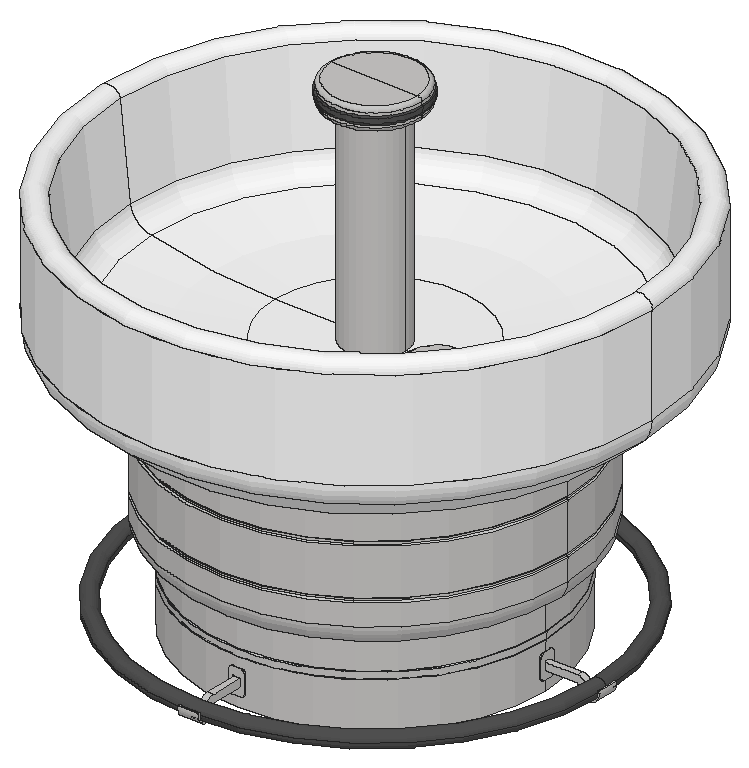
Revit family "Washfountain_Lavatory-Bradley_Corp-WF2605-Type_A_Drain", category Plumbing Fixtures, Revit 2012
Parameters (values of type "Juvenile")
  Width = 36.000"
  Warranty Information = ""
  WFU = 0
  Voltage = 110 V
  Version = "2.0"
  URL = "http://www.bradleycorp.com/"
  Towel Dispenser Holder [instance] = if((Soap Dispenser), 5.375", 13.875")  # 13.875"
  Towel Dispenser Height [instance] = if(and(Soap Dispenser, Sensor Module, Model ID = 2), 53.000", if(and(No Soap Dispenser, Sensor Module, Model ID = 2), 53.000", if(and(Soap Dispenser, No Sensor Module, Model ID = 2), 49.500", if(and(No Soap Dispenser, No Sensor Module, Model ID = 2), 49.500", if(and(Soap Dispenser, Sensor Module, Model ID = 1), 49.000", if(and(No Soap Dispenser, Sensor Module, Model ID = 1), 49.000", if(and(Soap Dispenser, No Sensor Module, Model ID = 1), 45.500", 45.500")))))))  # 45.500"
  TouchTime® Control [instance] = no
  Technical Data = ""
  Standard Height = Model ID = 2  # no
  Spray Head Height = 31.625"
  Specifications URL = "http://www.bradleycorp.com/3partspec"
  Soap Dispenser Holder [instance] = 2.500"  # constant formula
  Soap Dispenser Height [instance] = if(and(No Sensor Module, Model ID = 2), 44.125", if(and(Sensor Module, Model ID = 2), 47.625", if(and(No Sensor Module, Model ID = 1), 40.125", 43.625")))  # 40.125"
  Sensor Module Height = 35.125"
  Sensor Module [instance] = or(not(Foot Control Valve), TouchTime® Control, Air Valve Hand Control, Adaptive Infrared Activation Control)  # no
  Rim Height = 25.250"
  Product Tech Data URL - Spanish = ""
  Product Tech Data URL - French = ""
  Product Tech Data URL - English = "http://bradleycorp.com/download/1843/2019.pdf"
  Pedestal Material = Metal - Bradley Corp - Stainless Steel - Satin
  Pedestal Height = 15.000"
  Operating Water Pressure Range = "20 - 80 PSI"
  OmniClass Table 23 Title = "Sinks/Lavatories"
  OmniClass Table 23 Number = "23-31 13 00"
  OmniClass Table 21 Title = "Plumbing Fixtures"
  OmniClass Table 21 Number = "21-04 20 10 60"
  No Towel Dispenser [instance] = not(Towel Dispenser)  # yes
  No Soap Dispenser [instance] = not(Soap Dispenser)  # yes
  No Sensor Module [instance] = not(Sensor Module)  # yes
  Modeling Code = ""
  Model ID = 1
  Model = "WF2605"
  Material Note = "Other Terrazzo colors available - See www.bradleycorp.com"
  MasterFormat Title = "Commercial Lavatories and Sinks"
  MasterFormat Number = "22 42 16"
  Manufacturer = "Bradley Corp"
  Juvenile Height = Model ID = 1  # yes
  Industry Standards = "ANSI Z124.3, Z124.6 and ANSI/ICPA SS-1-2001"
  Hot Lavatory Inlet Radius = Hot Lavatory Inlet / 2  # 1/2"
  Hot Lavatory Inlet = 1"
  HWFU = 0
  Frequency = 50 Hz
  Foot Control Valve [instance] = not(or(TouchTime® Control, Air Valve Hand Control, Adaptive Infrared Activation Control))  # yes
  Flow Rate = 2.0 GPM
  Fire Rating = "n/a"
  Drain Radius = Drain / 2  # 1"
  Drain = 2"
  Description = "Washfountain, 36\" Circular with 9\" Deep Bowl"
  Copyright = "This Model Data is Property of Bradley Corporation"
  Cold Lavatory Inlet Radius = Cold Lavatory Inlet / 2  # 1/2"
  Cold Lavatory Inlet = 1"
  CWFU = 0
  Buy American Act = "No"
  Button Visibility [instance] = or(TouchTime® Control, Air Valve Hand Control)  # no
  Bowl Material [instance] = Stone - Bradley Corp - White Marmorite
  Assembly Code = "D2010300"
  Air Valve Hand Control [instance] = no
  Adaptive Infrared Activation Control [instance] = no
  ADA Compliant = "Yes"
  Soap Dispenser [instance] = no
  Towel Dispenser [instance] = no
Reference planes (in)
  plane 1 "Center (Front/Back)": y = 0
  plane 2: z = 0
  plane 3 "Center (Left/Right)": x = 0
  plane 4 "Towel Dispenser": z = 45.5
  plane 5 "Soap Dispenser": z = 40.125
  plane 6 "Spray Head": z = 31.625
  plane 7 "Rim Height": z = 25.25
  plane 8 "Pedestal Height": z = 15
  plane 9 "Sensor Module": z = 35.125
  plane 10: z = 34.125
  plane 11: x = -18
  plane 12: x = 18
  plane 13: y = -18
  plane 14: y = 18
Forms (in)
  Revolve 1, solid, material "Metal - Bradley Corp - Stainless Steel - Satin" <- "Pedestal Material", visible <- "Juvenile Height", detail levels medium+fine
    sketch origin (-27, 0, 15) x (1, 0, 0) y (0, 0, 1)
      loop
        line (15.87417, -15) -> (27, -15) -> (27, -0.00013) -> (14.47131, -0.00013) -> (14.47131, -3.20448) -> (14.5585, -3.29168) -> (14.5585, -3.41498) -> (14.47131, -3.50217) -> (14.47131, -6.50912) -> (14.5585, -6.59631) -> (14.5585, -6.71962) -> (14.47131, -6.80681) -> (14.47131, -8.19729)
        arc (14.47131, -8.19729) -> (14.8822, -9.18927) -> (15.87417, -9.60015) r 1.40286
        line (15.87417, -9.60015) -> (15.87417, -11.547) -> (15.83845, -11.59351) -> (15.83845, -12.00036) -> (15.87417, -12.047) -> (15.87417, -15)
      axis (27, -15) -> (27, -0.00013)
    angle from 0 to 360
  Revolve 2, solid, material "Stone - Bradley Corp - White Marmorite" <- "Bowl Material", detail levels medium+fine
    sketch origin (-24.13744, 0, 25.25) x (-1, 0, 0) y (0, 0, -1)
      loop
        line (-6.13744, 0.75008) -> (-6.13744, 7.17157)
        arc (-6.13744, 7.17157) -> (-6.28968, 7.93694) -> (-6.72322, 8.58579) r 2
        line (-6.72322, 8.58579) -> (-8.69944, 10.25) -> (-22.13744, 10.25) -> (-22.13744, 8.688) -> (-17.63744, 8.688)
        arc (-17.63744, 8.688) -> (-13.61835, 8.45982) -> (-9.65091, 7.7782) r 35.50887
        arc (-9.65091, 7.7782) -> (-8.71636, 7.35965) -> (-8.26814, 6.43895) r 1.5
        line (-8.26814, 6.43895) -> (-7.62105, 0.59415)
        arc (-7.62105, 0.59415) -> (-6.80904, 0.00419) -> (-6.13744, 0.75008) r 0.75
      axis (-24.13744, 0.59415) -> (-24.13744, 10.25)
    angle from 0 to 360
  Revolve 3, solid, material "Metal - Bradley Corp - Stainless Steel - Satin" <- "Pedestal Material", visible <- "Standard Height", detail levels medium+fine
    sketch origin (-27, 0, 15) x (1, 0, 0) y (0, 0, 1)
      loop
        line (14.47131, -4.10731) -> (14.58179, -4.21779) -> (14.58179, -4.37404) -> (14.47131, -4.48453) -> (14.47131, -8.29481) -> (14.58179, -8.40529) -> (14.58179, -8.56154) -> (14.47131, -8.67203) -> (14.47131, -10.73243)
        arc (14.47131, -10.73243) -> (14.87684, -11.75818) -> (15.87417, -12.22929) r 1.5
        line (15.87417, -12.22929) -> (15.87417, -15.547) -> (15.83845, -15.59351) -> (15.83845, -16.00049) -> (15.87417, -16.047) -> (15.87417, -19) -> (27, -19) -> (27, -0.00013) -> (14.47131, -0.00013) -> (14.47131, -4.10731)
      axis (27, -0.00013) -> (27, -19)
    angle from 0 to 360
  Revolve 4, solid, material "Metal - Bradley Corp - Stainless Steel - Polished", detail levels fine
    sketch origin (-1.5, 0, 36.188) x (1, 0, 0) y (0, 0, 1)
      loop
        arc (-1.285, -4.56348) -> (-1.46178, -4.6367) -> (-1.535, -4.81348) r 0.25
        line (-1.535, -4.81348) -> (-1.535, -5.00848)
        arc (-1.535, -5.00848) -> (-1.60129, -5.03594) -> (-1.62875, -5.10223) r 0.09375
        line (-1.62875, -5.10223) -> (-1.62875, -5.41473)
        arc (-1.62875, -5.41473) -> (-1.60129, -5.48102) -> (-1.535, -5.50848) r 0.09375
        line (-1.535, -5.50848) -> (-1.535, -5.70348)
        arc (-1.535, -5.70348) -> (-1.46178, -5.88026) -> (-1.285, -5.95348) r 0.25
        line (-1.285, -5.95348) -> (-0.5, -5.95348) -> (-0.5, -21.188) -> (1.5, -21.188) -> (1.5, -4.56348) -> (-1.285, -4.56348)
      axis (1.5, -4.56348) -> (1.5, -21.188)
    angle from 0 to 360
  Revolve 5, solid, material "Metal - Bradley Corp - Stainless Steel - Polished", visible <- "Soap Dispenser", detail levels fine
    sketch origin (-27, 0, 40.125) x (1, 0, 0) y (0, 0, 1)
      loop
        line (20.98592, -1.64235) -> (21.01699, -1.64235) -> (21.01699, -2.89235) -> (21.06961, -2.89235) -> (21.06961, -4.14235) -> (21.12223, -4.14235) -> (21.12223, -5.39235) -> (21.19, -5.39235) -> (21.19, -6) -> (27, -6) -> (27, -5.75235) -> (27, 0.00086) -> (22.86016, 0.00086)
        arc (22.86016, 0.00086) -> (21.84739, -0.11897) -> (20.86029, -0.37529) r 7.48917
        line (20.86029, -0.37529) -> (20.86029, -1.00047) -> (20.98592, -1.00047) -> (20.98592, -1.64235)
      axis (27, 0.00086) -> (27, -6)
    angle from 0 to 360
  Extrusion 6, solid, material "Metal - Bradley Corp - Stainless Steel - Polished", visible <- "Towel Dispenser"
    sketch origin (0, 0, 0) x (1, 0, 0) y (0, 1, 0)
      loop
        circle (0, 0) r 2
    from 31.625 to 61.81283
  Extrusion 7, solid, material "Metal - Bradley Corp - Stainless Steel - Polished", visible <- "Towel Dispenser"
    sketch origin (0, -3.64603, -2.35417) x (0, 1, 0) y (0, 0, 1)
      loop
        line (10.89603, 49.22917) -> (10.89603, 62.4795) -> (6.89603, 63.167) -> (6.89603, 47.85417) -> (8.64603, 47.85417) -> (10.89603, 49.22917)
    from -5.5 to 5.5
  Extrusion 8, solid, material "Metal - Bradley Corp - Stainless Steel - Polished", visible <- "Towel Dispenser"
    sketch origin (3.15756, 1.82302, -2.35417) x (-0.866025, -0.5, 0) y (0, 0, 1)
      loop
        line (10.89603, 49.22917) -> (10.89603, 62.4795) -> (6.89603, 63.167) -> (6.89603, 47.85417) -> (8.64603, 47.85417) -> (10.89603, 49.22917)
    from -5.5 to 5.5
  Extrusion 9, solid, material "Metal - Bradley Corp - Stainless Steel - Polished", visible <- "Towel Dispenser"
    sketch origin (-3.15756, 1.82302, -2.35417) x (0.866025, -0.5, 0) y (0, 0, 1)
      loop
        line (10.89603, 49.22917) -> (10.89603, 62.4795) -> (6.89603, 63.167) -> (6.89603, 47.85417) -> (8.64603, 47.85417) -> (10.89603, 49.22917)
    from -5.5 to 5.5
  Revolve 10, solid, material "Stone - Bradley Corp - White Marmorite" <- "Bowl Material", detail levels coarse
    sketch origin (-24.13744, 0, 25.25) x (-1, 0, 0) y (0, 0, -1)
      loop
        line (-6.13744, 0) -> (-6.13744, 10.25) -> (-22.13744, 10.25) -> (-22.13744, 8.688) -> (-17.47542, 8.688) -> (-8.39355, 7.63199) -> (-7.5586, 0) -> (-6.13744, 0)
      axis (-24.13744, 0) -> (-24.13744, 10.25)
    angle from 0 to 360
  Revolve 11, solid, material "Metal - Bradley Corp - Stainless Steel - Satin" <- "Pedestal Material", visible <- "Juvenile Height", detail levels coarse
    sketch origin (-27, 0, 15) x (1, 0, 0) y (0, 0, 1)
      loop
        line (14.47131, 0) -> (14.47131, -9.60015) -> (15.87417, -9.60015) -> (15.87417, -15) -> (27, -15) -> (27, 0) -> (14.47131, 0)
      axis (27, 0) -> (27, -15)
    angle from 0 to 360
  Revolve 12, solid, material "Metal - Bradley Corp - Stainless Steel - Polished", visible <- "Soap Dispenser", detail levels coarse+medium
    sketch origin (0, 0, 0) x (1, 0, 0) y (0, 0, 1)
      loop
        line (0, 34.125) -> (0, 39.12453) -> (-6.13971, 39.12453) -> (-5.81, 34.125) -> (0, 34.125)
      axis (0, 39.12453) -> (0, 34.125)
    angle from 0 to 360
  Revolve 13, solid, material "Metal - Bradley Corp - Stainless Steel - Polished", detail levels coarse+medium
    sketch origin (-1.5, 0, 36.188) x (1, 0, 0) y (0, 0, 1)
      loop
        line (-1.62875, -5.50848) -> (-1.285, -5.95348) -> (-0.5, -5.95348) -> (-0.5, -21.188) -> (1.5, -21.188) -> (1.5, -4.56348) -> (-1.285, -4.56348) -> (-1.62875, -5.00848) -> (-1.62875, -5.50848)
      axis (1.5, -4.56348) -> (1.5, -21.188)
    angle from 0 to 360
  Revolve 14, solid, material "Metal - Bradley Corp - Stainless Steel - Polished", visible <- "Sensor Module", detail levels fine
    sketch origin (-1.5, 0, 35.125) x (1, 0, 0) y (0, 0, 1)
      loop
        line (-2.99987, -0.56541) -> (-2.99987, -1.98683)
        arc (-2.99987, -1.98683) -> (-2.98063, -2.08301) -> (-2.92587, -2.16439) r 0.25
        line (-2.92587, -2.16439) -> (-2.32309, -2.76716)
        arc (-2.32309, -2.76716) -> (-2.24199, -2.82135) -> (-2.14632, -2.84038) r 0.25
        line (-2.14632, -2.84038) -> (-0.5, -2.84038) -> (-0.5, -3.5) -> (1.5, -3.5) -> (1.5, 0) -> (-0.60282, 0)
        arc (-0.60282, 0) -> (-1.78099, -0.0858) -> (-2.95612, -0.2063) r 40.06
        arc (-2.95612, -0.2063) -> (-3.04124, -0.251) -> (-3.07537, -0.34072) r 0.135
        line (-3.07537, -0.34072) -> (-3.07537, -0.56541) -> (-2.99987, -0.56541)
      axis (1.5, 0) -> (1.5, -3.5)
    angle from 0 to 360
  Revolve 15, solid, material "Metal - Bradley Corp - Stainless Steel - Polished", visible <- "Sensor Module", detail levels coarse+medium
    sketch origin (-1.5, 0, 35.125) x (1, 0, 0) y (0, 0, 1)
      loop
        line (1.5, 0) -> (-3.07537, 0) -> (-3.07537, -2.01488) -> (-2.24987, -2.84038) -> (-0.5, -2.84038) -> (-0.5, -3.5) -> (1.5, -3.5) -> (1.5, 0)
      axis (1.5, 0) -> (1.5, -3.5)
    angle from 0 to 360
  Extrusion 16, solid, material "Metal - Bradley Corp - Stainless Steel - Polished", visible <- "Soap Dispenser"
    sketch origin (0, 0, 40.125) x (-1, 0, 0) y (0, -1, 0)
      loop
        circle (0, 0) r 2
    from -8.5 to -6
  Revolve 17, solid, material "Metal - Bradley Corp - Stainless Steel - Satin" <- "Pedestal Material", visible <- "Standard Height", detail levels coarse
    sketch origin (-27, 0, 15) x (1, 0, 0) y (0, 0, 1)
      loop
        line (14.47131, 0) -> (14.47131, -12.22916) -> (15.87417, -12.22916) -> (15.87417, -19) -> (27, -19) -> (27, 0) -> (14.47131, 0)
      axis (27, 0) -> (27, -19)
    angle from 0 to 360
  Extrusion 18, solid, material "Metal - Bradley Corp - Stainless Steel - Polished", visible <- "Towel Dispenser"
    sketch origin (0, 0, 45.5) x (-1, 0, 0) y (0, -1, 0)
      loop
        line (0.06458, 6.38814) -> (-0.06458, 6.38814) -> (-5.56458, -3.13814) -> (-5.5, -3.25) -> (5.5, -3.25) -> (5.56458, -3.13814) -> (0.06458, 6.38814)
      loop
        circle (0, 0) r 2
    from 14.62533 to 14.12533
  Extrusion 19, solid, material "Metal - Bradley Corp - Stainless Steel - Polished", visible <- "Towel Dispenser"
    sketch origin (0, 0, 45.5) x (-1, 0, 0) y (0, -1, 0)
      loop
        line (5.56458, -3.13814) -> (0.06458, 6.38814) -> (-0.06458, 6.38814) -> (-5.56458, -3.13814) -> (-5.5, -3.25) -> (5.5, -3.25) -> (5.56458, -3.13814)
      loop
        circle (0, 0) r 2
    from 1.07859 to 1.57859
  Sweep 20, solid, material "Plastic - Bradley Corp - Black", visible <- "Foot Control Valve"
    path in 3D
      loop
        arc (-14.513, 0, 0) -> (0, -14.513, 0) -> (14.513, 0, 0) r 14.513
        arc (14.513, 0, 0) -> (0, 14.513, 0) -> (-14.513, 0, 0) r 14.513
    profile origin (0, 14.513, 0) x (0, -1, 0) y (0, 0, 1)
      loop
        circle (0, 1.425) r 0.5
  Extrusion 21, solid, material "Metal - Bradley Corp - Stainless Steel - Satin", visible <- "Foot Control Valve"
    sketch origin (0, 0, 0) x (1, 0, 0) y (0, 0, 1)
      loop
        arc (-14.99607, 1.55401) -> (-15.03147, 1.61522) -> (-15.09268, 1.57982) r 0.05
        arc (-15.09268, 1.57982) -> (-14.52672, 0.82516) -> (-13.92685, 1.55315) r 0.6
        arc (-13.92685, 1.55315) -> (-13.98637, 1.59132) -> (-14.02454, 1.53179) r 0.05
        arc (-14.02454, 1.53179) -> (-14.52443, 0.92513) -> (-14.99607, 1.55401) r 0.5
    from -0.67078 to 0.67078
  Extrusion 22, solid, material "Metal - Bradley Corp - Stainless Steel - Satin", visible <- "Foot Control Valve"
    sketch origin (0, 0, 0) x (1, 0, 0) y (0, 0, 1)
      loop
        line (-11.12583, 1.26722) -> (-11.12583, 1.76722) -> (-13.31961, 1.76722)
        arc (-13.31961, 1.76722) -> (-13.66211, 1.67554) -> (-13.913, 1.425) r 0.68556
        arc (-13.913, 1.425) -> (-14.08874, 1.00074) -> (-14.513, 0.825) r 0.6
        arc (-14.513, 0.825) -> (-13.93667, 0.87324) -> (-13.46086, 1.202) r 1.12245
        arc (-13.46086, 1.202) -> (-13.3974, 1.25013) -> (-13.31961, 1.26722) r 0.18556
        line (-13.31961, 1.26722) -> (-11.12583, 1.26722)
    from -0.19715 to 0.18501
  Extrusion 23, solid, material "Metal - Bradley Corp - Stainless Steel - Satin", visible <- "Foot Control Valve"
    sketch origin (0, 0, 0) x (0, 1, 0) y (0, 0, 1)
      loop
        line (0.25316, 2.33562) -> (-0.24684, 2.33562)
        arc (-0.24684, 2.33562) -> (-0.42362, 2.2624) -> (-0.49684, 2.08562) r 0.25
        line (-0.49684, 2.08562) -> (-0.49684, 0.96062)
        arc (-0.49684, 0.96062) -> (-0.42362, 0.78385) -> (-0.24684, 0.71062) r 0.25
        line (-0.24684, 0.71062) -> (0.25316, 0.71062)
        arc (0.25316, 0.71062) -> (0.42994, 0.78385) -> (0.50316, 0.96062) r 0.25
        line (0.50316, 0.96062) -> (0.50316, 2.08562)
        arc (0.50316, 2.08562) -> (0.42994, 2.2624) -> (0.25316, 2.33562) r 0.25
      loop
        line (0.2403, 1.22902) -> (0.2403, 1.81722) -> (-0.2403, 1.81722) -> (-0.2403, 1.22902) -> (0.2403, 1.22902)
    from 11.12583 to 11.19421
  Extrusion 24, solid, material "Metal - Bradley Corp - Stainless Steel - Satin", visible <- "Foot Control Valve"
    sketch origin (0, 27, 18.797) x (0, -1, 0) y (0, 0, 1)
      loop
        arc (12.00393, -17.24299) -> (11.96853, -17.18178) -> (11.90732, -17.21718) r 0.05
        arc (11.90732, -17.21718) -> (12.47328, -17.97184) -> (13.07315, -17.24385) r 0.6
        arc (13.07315, -17.24385) -> (13.01363, -17.20568) -> (12.97546, -17.26521) r 0.05
        arc (12.97546, -17.26521) -> (12.47557, -17.87187) -> (12.00393, -17.24299) r 0.5
    from -0.67078 to 0.67078
  Extrusion 25, solid, material "Metal - Bradley Corp - Stainless Steel - Satin", visible <- "Foot Control Valve"
    sketch origin (0, 27, 18.797) x (0, -1, 0) y (0, 0, 1)
      loop
        line (15.87417, -17.52978) -> (15.87417, -17.02978) -> (13.68039, -17.02978)
        arc (13.68039, -17.02978) -> (13.33789, -17.12146) -> (13.087, -17.372) r 0.68556
        arc (13.087, -17.372) -> (12.91126, -17.79626) -> (12.487, -17.972) r 0.6
        arc (12.487, -17.972) -> (13.06333, -17.92376) -> (13.53914, -17.595) r 1.12245
        arc (13.53914, -17.595) -> (13.6026, -17.54687) -> (13.68039, -17.52978) r 0.18556
        line (13.68039, -17.52978) -> (15.87417, -17.52978)
    from -0.19715 to 0.18501
  Extrusion 26, solid, material "Metal - Bradley Corp - Stainless Steel - Satin", visible <- "Foot Control Valve"
    sketch origin (0, 0, 47.859) x (-1, 0, 0) y (0, 0, 1)
      loop
        arc (-0.25316, -45.52338) -> (-0.42994, -45.5966) -> (-0.50316, -45.77338) r 0.25
        line (-0.50316, -45.77338) -> (-0.50316, -46.89838)
        arc (-0.50316, -46.89838) -> (-0.42994, -47.07515) -> (-0.25316, -47.14838) r 0.25
        line (-0.25316, -47.14838) -> (0.24684, -47.14838)
        arc (0.24684, -47.14838) -> (0.42362, -47.07515) -> (0.49684, -46.89838) r 0.25
        line (0.49684, -46.89838) -> (0.49684, -45.77338)
        arc (0.49684, -45.77338) -> (0.42362, -45.5966) -> (0.24684, -45.52338) r 0.25
        line (0.24684, -45.52338) -> (-0.25316, -45.52338)
      loop
        line (-0.2403, -46.62998) -> (0.2403, -46.62998) -> (0.2403, -46.04178) -> (-0.2403, -46.04178) -> (-0.2403, -46.62998)
    from 11.12583 to 11.19421
  Extrusion 27, solid, material "Metal - Bradley Corp - Stainless Steel - Satin", visible <- "Foot Control Valve"
    sketch origin (27, 0, 18.797) x (-1, 0, 0) y (0, 0, 1)
      loop
        arc (12.00393, -17.24299) -> (11.96853, -17.18178) -> (11.90732, -17.21718) r 0.05
        arc (11.90732, -17.21718) -> (12.47328, -17.97184) -> (13.07315, -17.24385) r 0.6
        arc (13.07315, -17.24385) -> (13.01363, -17.20568) -> (12.97546, -17.26521) r 0.05
        arc (12.97546, -17.26521) -> (12.47557, -17.87187) -> (12.00393, -17.24299) r 0.5
    from -0.67078 to 0.67078
  Extrusion 28, solid, material "Metal - Bradley Corp - Stainless Steel - Satin", visible <- "Foot Control Valve"
    sketch origin (27, 0, 18.797) x (-1, 0, 0) y (0, 0, 1)
      loop
        line (15.87417, -17.52978) -> (15.87417, -17.02978) -> (13.68039, -17.02978)
        arc (13.68039, -17.02978) -> (13.33789, -17.12146) -> (13.087, -17.372) r 0.68556
        arc (13.087, -17.372) -> (12.91126, -17.79626) -> (12.487, -17.972) r 0.6
        arc (12.487, -17.972) -> (13.06333, -17.92376) -> (13.53914, -17.595) r 1.12245
        arc (13.53914, -17.595) -> (13.6026, -17.54687) -> (13.68039, -17.52978) r 0.18556
        line (13.68039, -17.52978) -> (15.87417, -17.52978)
    from -0.19715 to 0.18501
  Extrusion 29, solid, material "Metal - Bradley Corp - Stainless Steel - Satin", visible <- "Foot Control Valve"
    sketch origin (0, 0, 47.859) x (0, 1, 0) y (0, 0, 1)
      loop
        arc (-0.25316, -45.52338) -> (-0.42994, -45.5966) -> (-0.50316, -45.77338) r 0.25
        line (-0.50316, -45.77338) -> (-0.50316, -46.89838)
        arc (-0.50316, -46.89838) -> (-0.42994, -47.07515) -> (-0.25316, -47.14838) r 0.25
        line (-0.25316, -47.14838) -> (0.24684, -47.14838)
        arc (0.24684, -47.14838) -> (0.42362, -47.07515) -> (0.49684, -46.89838) r 0.25
        line (0.49684, -46.89838) -> (0.49684, -45.77338)
        arc (0.49684, -45.77338) -> (0.42362, -45.5966) -> (0.24684, -45.52338) r 0.25
        line (0.24684, -45.52338) -> (-0.25316, -45.52338)
      loop
        line (-0.2403, -46.62998) -> (0.2403, -46.62998) -> (0.2403, -46.04178) -> (-0.2403, -46.04178) -> (-0.2403, -46.62998)
    from 11.12583 to 11.19421
  Extrusion 30, solid, material "Metal - Bradley Corp - Stainless Steel - Satin", visible <- "Foot Control Valve"
    sketch origin (0, -27, 18.797) x (0, 1, 0) y (0, 0, 1)
      loop
        arc (12.00393, -17.24299) -> (11.96853, -17.18178) -> (11.90732, -17.21718) r 0.05
        arc (11.90732, -17.21718) -> (12.47328, -17.97184) -> (13.07315, -17.24385) r 0.6
        arc (13.07315, -17.24385) -> (13.01363, -17.20568) -> (12.97546, -17.26521) r 0.05
        arc (12.97546, -17.26521) -> (12.47557, -17.87187) -> (12.00393, -17.24299) r 0.5
    from -0.67078 to 0.67078
  Extrusion 31, solid, material "Metal - Bradley Corp - Stainless Steel - Satin", visible <- "Foot Control Valve"
    sketch origin (0, -27, 18.797) x (0, 1, 0) y (0, 0, 1)
      loop
        line (15.87417, -17.52978) -> (15.87417, -17.02978) -> (13.68039, -17.02978)
        arc (13.68039, -17.02978) -> (13.33789, -17.12146) -> (13.087, -17.372) r 0.68556
        arc (13.087, -17.372) -> (12.91126, -17.79626) -> (12.487, -17.972) r 0.6
        arc (12.487, -17.972) -> (13.06333, -17.92376) -> (13.53914, -17.595) r 1.12245
        arc (13.53914, -17.595) -> (13.6026, -17.54687) -> (13.68039, -17.52978) r 0.18556
        line (13.68039, -17.52978) -> (15.87417, -17.52978)
    from -0.19715 to 0.18501
  Extrusion 32, solid, material "Metal - Bradley Corp - Stainless Steel - Satin", visible <- "Foot Control Valve"
    sketch origin (0, 0, 47.859) x (1, 0, 0) y (0, 0, 1)
      loop
        arc (-0.25316, -45.52338) -> (-0.42994, -45.5966) -> (-0.50316, -45.77338) r 0.25
        line (-0.50316, -45.77338) -> (-0.50316, -46.89838)
        arc (-0.50316, -46.89838) -> (-0.42994, -47.07515) -> (-0.25316, -47.14838) r 0.25
        line (-0.25316, -47.14838) -> (0.24684, -47.14838)
        arc (0.24684, -47.14838) -> (0.42362, -47.07515) -> (0.49684, -46.89838) r 0.25
        line (0.49684, -46.89838) -> (0.49684, -45.77338)
        arc (0.49684, -45.77338) -> (0.42362, -45.5966) -> (0.24684, -45.52338) r 0.25
        line (0.24684, -45.52338) -> (-0.25316, -45.52338)
      loop
        line (-0.2403, -46.62998) -> (0.2403, -46.62998) -> (0.2403, -46.04178) -> (-0.2403, -46.04178) -> (-0.2403, -46.62998)
    from 11.12583 to 11.19421
  Extrusion 33, solid, material "Metal - Bradley Corp - Stainless Steel - Satin", visible <- "Foot Control Valve"
    sketch origin (0, 0, 47.859) x (0, 1, 0) y (0, 0, 1)
      loop
        arc (-0.25316, -45.52338) -> (-0.42994, -45.5966) -> (-0.50316, -45.77338) r 0.25
        line (-0.50316, -45.77338) -> (-0.50316, -46.89838)
        arc (-0.50316, -46.89838) -> (-0.42994, -47.07515) -> (-0.25316, -47.14838) r 0.25
        line (-0.25316, -47.14838) -> (0.24684, -47.14838)
        arc (0.24684, -47.14838) -> (0.42362, -47.07515) -> (0.49684, -46.89838) r 0.25
        line (0.49684, -46.89838) -> (0.49684, -45.77338)
        arc (0.49684, -45.77338) -> (0.42362, -45.5966) -> (0.24684, -45.52338) r 0.25
        line (0.24684, -45.52338) -> (-0.25316, -45.52338)
      loop
        line (-0.2403, -46.62998) -> (0.2403, -46.62998) -> (0.2403, -46.04178) -> (-0.2403, -46.04178) -> (-0.2403, -46.62998)
    from -11.12583 to -11.21099
  Extrusion 34, void
    sketch origin (0, 0, 15) x (-1, 0, 0) y (0, -1, 0)
      loop
        circle (-4, 0) r 1.75
    from 0 to 10.25
  Extrusion 35, solid, material "Metal - Bradley Corp - Stainless Steel - Polished", detail levels medium+fine
    sketch origin (0, 0, 15) x (-1, 0, 0) y (0, -1, 0)
      loop
        circle (-4, 0) r 1.75
      loop
        circle (-4, 0) r 0.1842
      loop
        circle (-4, -0.87771) r 0.1842
      loop
        circle (-3.12229, 0) r 0.1842
      loop
        circle (-4, 0.87771) r 0.1842
      loop
        circle (-4.87771, 0) r 0.1842
      loop
        circle (-4.62063, -0.62063) r 0.1842
      loop
        circle (-3.37937, -0.62063) r 0.1842
      loop
        circle (-3.37937, 0.62063) r 0.1842
      loop
        circle (-4.62063, 0.62063) r 0.1842
    from 1.47707 to 1.59297
  Extrusion 36, solid, material "Default", not visible, detail levels medium+fine
    sketch origin (0, 0, 0) x (1, 0, 0) y (0, 1, 0)
      loop
        circle (-7.625, 2.5) r 0.5
      loop
        circle (7.625, 2.5) r 0.5
    from 0 to 2.5
  Extrusion 37, solid, material "Default", not visible, detail levels medium+fine
    sketch origin (0, 0, 0) x (1, 0, 0) y (0, 1, 0)
      loop
        circle (4, 0) r 1
      loop
        line (-1, 5.5) -> (-1, 4.5) -> (1, 4.5) -> (1, 5.5) -> (-1, 5.5)
    from 0 to 2.99998
  Revolve 38, solid, material "Plastic - Bradley Corp - Black", visible <- "Soap Dispenser", detail levels coarse+medium
    sketch origin (-27, 0, 40.125) x (1, 0, 0) y (0, 0, 1)
      loop
        line (20.79431, 0) -> (20.86029, -1.00047) -> (27, -1.00047) -> (27, 0) -> (20.79431, 0)
      axis (27, 0) -> (27, -1.00047)
    angle from 0 to 360
  Extrusion 39, solid, material "Metal - Bradley Corp - Stainless Steel - Polished", visible <- "Button Visibility"
    sketch origin (-1.5, 0, 35.125) x (1, 0, 0) y (0, 0, 1)
      loop
        circle (1.5, -1.3649) r 0.5
    from 4.57537 to 4.97537
  Extrusion 40, solid, material "Metal - Bradley Corp - Stainless Steel - Polished", visible <- "Button Visibility"
    sketch origin (-1.5, 0, 35.125) x (1, 0, 0) y (0, 0, 1)
      loop
        circle (1.5, -1.3649) r 0.5
    from -4.97537 to -4.57537
  Extrusion 41, solid, material "Metal - Bradley Corp - Stainless Steel - Polished", visible <- "Button Visibility", detail levels fine
    sketch origin (-1.5, 0, 35.125) x (1, 0, 0) y (0, 0, 1)
      loop
        circle (1.5, -1.3649) r 0.25
    from 4.49987 to 4.57537
  Extrusion 42, solid, material "Metal - Bradley Corp - Stainless Steel - Polished", visible <- "Button Visibility", detail levels fine
    sketch origin (-1.5, 0, 35.125) x (1, 0, 0) y (0, 0, 1)
      loop
        circle (1.5, -1.3649) r 0.25
    from -4.57537 to -4.49987
Cuts and joins
  joined: Extrusion 21, Extrusion 22
  Extrusion 34 cuts Revolve 10
  Extrusion 34 cuts Revolve 2
Lines and regions (in)
  Masking region 1, detail levels coarse
    outline origin (-24.13744, 0, 25.25) x (-1, 0, 0) y (0, 0, -1)
      loop
        line (-6.13744, 0) -> (-6.13744, 10.25) -> (-42.13744, 10.25) -> (-42.13744, 0) -> (-6.13744, 0)
  Masking region 2, detail levels medium+fine
    outline origin (-24.13744, 0, 25.25) x (-1, 0, 0) y (0, 0, -1)
      loop
        arc (-6.88744, 0) -> (-6.35711, 0.21975) -> (-6.13744, 0.75008) r 0.75
        line (-6.13744, 0.75008) -> (-6.13744, 7.17157)
        arc (-6.13744, 7.17157) -> (-6.28968, 7.93694) -> (-6.72322, 8.58579) r 2
        line (-6.72322, 8.58579) -> (-8.69944, 10.25) -> (-39.57544, 10.25) -> (-41.55165, 8.58579)
        arc (-41.55165, 8.58579) -> (-41.98519, 7.93694) -> (-42.13744, 7.17157) r 2
        line (-42.13744, 7.17157) -> (-42.13744, 0.75008)
        arc (-42.13744, 0.75008) -> (-41.91777, 0.21975) -> (-41.38744, 0) r 0.75
        line (-41.38744, 0) -> (-6.88744, 0)
  Masking region 3, visible <- "Standard Height", detail levels medium+fine
    outline origin (-27, 0, 15) x (1, 0, 0) y (0, 0, 1)
      loop
        line (14.47131, 0) -> (14.47131, -4.10745) -> (14.58179, -4.21794) -> (14.58179, -4.37419) -> (14.47131, -4.48468) -> (14.47131, -8.29495) -> (14.58179, -8.40544) -> (14.58179, -8.56169) -> (14.47131, -8.67218) -> (14.47131, -10.73245)
        arc (14.47131, -10.73245) -> (14.87684, -11.7582) -> (15.87417, -12.22931) r 1.5
        line (15.87417, -12.22931) -> (15.87417, -15.54688) -> (15.83845, -15.59339) -> (15.83845, -16.00036) -> (15.87417, -16.04688) -> (15.87417, -19) -> (38.12583, -19) -> (38.12583, -16.04688) -> (38.16155, -16.00036) -> (38.16155, -15.59339) -> (38.12583, -15.54688) -> (38.12583, -12.22933)
        arc (38.12583, -12.22933) -> (39.12339, -11.75832) -> (39.52904, -10.73245) r 1.5
        line (39.52904, -10.73245) -> (39.52904, -8.67218) -> (39.41855, -8.56169) -> (39.41855, -8.40544) -> (39.52904, -8.29495) -> (39.52904, -4.48468) -> (39.41855, -4.37419) -> (39.41855, -4.21794) -> (39.52904, -4.10745) -> (39.52904, 0) -> (14.47131, 0)
  Masking region 4, visible <- "Standard Height", detail levels coarse
    outline origin (0, 0, 15) x (0, -1, 0) y (0, 0, 1)
      loop
        line (12.52869, 0) -> (-12.52869, 0) -> (-12.52869, -12.22916) -> (-11.12583, -12.22916) -> (-11.12583, -19) -> (11.12583, -19) -> (11.12583, -12.22916) -> (12.52869, -12.22916) -> (12.52869, 0)
  Masking region 5, visible <- "Standard Height", detail levels medium+fine
    outline origin (0, 0, 15) x (0, -1, 0) y (0, 0, 1)
      loop
        line (-12.52869, -4.10731) -> (-12.41821, -4.21779) -> (-12.41821, -4.37404) -> (-12.52869, -4.48453) -> (-12.52869, -8.29481) -> (-12.41821, -8.40529) -> (-12.41821, -8.56154) -> (-12.52869, -8.67203) -> (-12.52869, -10.73231)
        arc (-12.52869, -10.73231) -> (-12.12316, -11.75805) -> (-11.12583, -12.22916) r 1.5
        line (-11.12583, -12.22916) -> (-11.12583, -15.54688) -> (-11.16155, -15.59339) -> (-11.16155, -16.00036) -> (-11.12583, -16.04688) -> (-11.12583, -19) -> (11.12583, -19) -> (11.12583, -16.04687) -> (11.16155, -16.00036) -> (11.16155, -15.59339) -> (11.12583, -15.54687) -> (11.12583, -12.22916)
        arc (11.12583, -12.22916) -> (12.12316, -11.75805) -> (12.52869, -10.73231) r 1.5
        line (12.52869, -10.73231) -> (12.52869, -8.67203) -> (12.41821, -8.56154) -> (12.41821, -8.40529) -> (12.52869, -8.29481) -> (12.52869, -4.48453) -> (12.41821, -4.37404) -> (12.41821, -4.21779) -> (12.52869, -4.10731) -> (12.52869, 0) -> (-12.52869, 0) -> (-12.52869, -4.10731)
  Masking region 6, visible <- "Juvenile Height", detail levels coarse
    outline origin (0, 0, 14.79688) x (0, -1, 0) y (0, 0, -1)
      loop
        line (-12.52869, 4) -> (12.52869, 4) -> (12.52869, 9.60003) -> (11.12583, 9.60003) -> (11.12583, 14.79688) -> (-11.12583, 14.79688) -> (-11.12583, 9.60003) -> (-12.52869, 9.60003) -> (-12.52869, 4)
  Masking region 7, visible <- "Juvenile Height", detail levels medium+fine
    outline origin (0, 0, 14.79688) x (0, -1, 0) y (0, 0, -1)
      loop
        line (12.52869, -0.20312) -> (12.52869, 3.20436) -> (12.4415, 3.29155) -> (12.4415, 3.41486) -> (12.52869, 3.50205) -> (12.52869, 6.50899) -> (12.4415, 6.59619) -> (12.4415, 6.71949) -> (12.52869, 6.80668) -> (12.52869, 8.19717)
        arc (12.52869, 8.19717) -> (12.1178, 9.18914) -> (11.12583, 9.60003) r 1.40286
        line (11.12583, 9.60003) -> (11.12583, 11.54675) -> (11.16155, 11.59326) -> (11.16155, 12.00024) -> (11.12586, 12.04675) -> (11.12586, 14.79688) -> (-11.12586, 14.79688) -> (-11.12586, 12.04675) -> (-11.16155, 12.00024) -> (-11.16155, 11.59326) -> (-11.12583, 11.54675) -> (-11.12583, 9.60003)
        arc (-11.12583, 9.60003) -> (-12.1178, 9.18914) -> (-12.52869, 8.19717) r 1.40286
        line (-12.52869, 8.19717) -> (-12.52869, 6.80668) -> (-12.4415, 6.71949) -> (-12.4415, 6.59619) -> (-12.52869, 6.50899) -> (-12.52869, 3.50205) -> (-12.4415, 3.41486) -> (-12.4415, 3.29155) -> (-12.52869, 3.20436) -> (-12.52869, -0.20313) -> (12.52869, -0.20312)
  Masking region 8, detail levels coarse
    outline origin (0, 0, 25.25) x (0, -1, 0) y (0, 0, 1)
      loop
        line (-18, 0) -> (-18, -10.25) -> (18, -10.25) -> (18, 0) -> (-18, 0)
  Masking region 9, detail levels medium+fine
    outline origin (0, 0, 25.25) x (0, -1, 0) y (0, 0, 1)
      loop
        line (-15.43046, -10.25) -> (15.43046, -10.25) -> (17.41421, -8.58543)
        arc (17.41421, -8.58543) -> (17.84776, -7.93659) -> (18, -7.17122) r 2
        line (18, -7.17122) -> (18, -0.74972)
        arc (18, -0.74972) -> (17.78748, -0.22664) -> (17.27036, 0) r 0.75
        line (17.27036, 0) -> (-17.27036, 0)
        arc (-17.27036, 0) -> (-17.78748, -0.22664) -> (-18, -0.74972) r 0.75
        line (-18, -0.74972) -> (-18, -7.17122)
        arc (-18, -7.17122) -> (-17.84776, -7.93659) -> (-17.41421, -8.58543) r 2
        line (-17.41421, -8.58543) -> (-15.43046, -10.25)
  Masking region 10, visible <- "Soap Dispenser", detail levels fine
    outline origin (-27, 0, 40.125) x (1, 0, 0) y (0, 0, 1)
      loop
        line (20.98592, -1.64235) -> (21.01699, -1.64235) -> (21.01699, -2.89235) -> (21.06961, -2.89235) -> (21.06961, -4.14235) -> (21.12223, -4.14235) -> (21.12223, -5.39235) -> (21.19, -5.39235) -> (21.19, -6) -> (32.81, -6) -> (32.81, -5.39235) -> (32.87777, -5.39235) -> (32.87777, -4.14235) -> (32.93039, -4.14235) -> (32.93039, -2.89235) -> (32.98301, -2.89235) -> (32.98301, -1.64235) -> (33.01408, -1.64235) -> (33.01408, -1.00047) -> (33.13971, -1.00047) -> (33.13971, -0.37529)
        arc (33.13971, -0.37529) -> (32.18383, -0.11553) -> (31.20003, 0) r 6.67892
        line (31.20003, 0) -> (22.79997, 0)
        arc (22.79997, 0) -> (21.81617, -0.11553) -> (20.86029, -0.37529) r 6.67892
        line (20.86029, -0.37529) -> (20.86029, -1.00047) -> (20.98592, -1.00047) -> (20.98592, -1.64235)
  Masking region 11, visible <- "Soap Dispenser", detail levels coarse+medium
    outline origin (-27, 0, 40.125) x (1, 0, 0) y (0, 0, 1)
      loop
        line (20.79431, 0) -> (21.19, -6) -> (32.81, -6) -> (33.20569, 0) -> (20.79431, 0)
  Masking region 12, visible <- "Juvenile Height", detail levels medium+fine
    outline origin (-27, 0, 19.00013) x (1, 0, 0) y (0, 0, 1)
      loop
        line (15.87417, -15.55017) -> (15.87417, -13.60015)
        arc (15.87417, -13.60015) -> (14.8822, -13.18927) -> (14.47131, -12.19729) r 1.40286
        line (14.47131, -12.19729) -> (14.47131, -10.80681) -> (14.5585, -10.71962) -> (14.5585, -10.59631) -> (14.47131, -10.50912) -> (14.47131, -7.50217) -> (14.5585, -7.41498) -> (14.5585, -7.29168) -> (14.47131, -7.20448) -> (14.47131, -4.00013) -> (39.52869, -4.00013) -> (39.52869, -7.20448) -> (39.4415, -7.29168) -> (39.4415, -7.41498) -> (39.52869, -7.50217) -> (39.52869, -10.50912) -> (39.4415, -10.59631) -> (39.4415, -10.71962) -> (39.52869, -10.80681) -> (39.52869, -12.19729)
        arc (39.52869, -12.19729) -> (39.1178, -13.18927) -> (38.12583, -13.60015) r 1.40286
        line (38.12583, -13.60015) -> (38.12583, -15.54713) -> (38.16155, -15.59364) -> (38.16155, -16.00049) -> (38.12583, -16.04713) -> (38.12583, -19.00012) -> (15.87417, -19.00012) -> (15.87417, -16.04713) -> (15.83845, -16.00049) -> (15.83845, -15.59364) -> (15.87417, -15.54712)
  Masking region 13, visible <- "Soap Dispenser", detail levels coarse+medium
    outline origin (0, 0, 40.125) x (0, -1, 0) y (0, 0, 1)
      loop
        line (-6.20573, 0.00086) -> (-5.80997, -6) -> (5.80997, -6) -> (6.20573, 0.00086) -> (-6.20573, 0.00086)
  Masking region 14, visible <- "Soap Dispenser", detail levels fine
    outline origin (0, 0, 40.125) x (0, -1, 0) y (0, 0, 1)
      loop
        line (-6.01405, -1.64235) -> (-5.98298, -1.64235) -> (-5.98298, -2.89235) -> (-5.93037, -2.89235) -> (-5.93037, -4.14235) -> (-5.87775, -4.14235) -> (-5.87775, -5.39235) -> (-5.80997, -5.39235) -> (-5.80997, -6) -> (5.80997, -6) -> (5.80997, -5.39235) -> (5.87775, -5.39235) -> (5.87775, -4.14235) -> (5.93037, -4.14235) -> (5.93037, -2.89235) -> (5.98298, -2.89235) -> (5.98298, -1.64235) -> (6.01405, -1.64235) -> (6.01405, -1.00047) -> (6.13969, -1.00047) -> (6.13969, -0.37529)
        arc (6.13969, -0.37529) -> (5.15258, -0.11897) -> (4.13981, 0.00086) r 7.48917
        line (4.13981, 0.00086) -> (-4.13981, 0.00086)
        arc (-4.13981, 0.00086) -> (-5.15258, -0.11897) -> (-6.13969, -0.37529) r 7.48917
        line (-6.13969, -0.37529) -> (-6.13969, -1.00047) -> (-6.01405, -1.00047) -> (-6.01405, -1.64235)
  Masking region 15, detail levels coarse+medium
    outline origin (-1.5, 0, 36.188) x (1, 0, 0) y (0, 0, 1)
      loop
        line (-1.62875, -5.50848) -> (-1.285, -5.95348) -> (-0.5, -5.95348) -> (-0.5, -10.938) -> (3.5, -10.938) -> (3.5, -5.95348) -> (4.285, -5.95348) -> (4.62875, -5.50848) -> (4.62875, -5.00848) -> (4.285, -4.56348) -> (-1.285, -4.56348) -> (-1.62875, -5.00848) -> (-1.62875, -5.50848)
  Masking region 16, detail levels coarse+medium
    outline origin (0, 0, 31.625) x (0, -1, 0) y (0, 0, 1)
      loop
        line (-3.12875, -0.94548) -> (-2.785, -1.39048) -> (-2, -1.39048) -> (-2, -6.375) -> (2, -6.375) -> (2, -1.39048) -> (2.785, -1.39048) -> (3.12875, -0.94548) -> (3.12875, -0.44548) -> (2.785, -0.00048) -> (-2.785, -0.00048) -> (-3.12875, -0.44548) -> (-3.12875, -0.94548)
  Masking region 17, detail levels fine
    outline origin (0, 0, 31.625) x (0, -1, 0) y (0, 0, 1)
      loop
        arc (-2.785, -0.00048) -> (-2.96178, -0.0737) -> (-3.035, -0.25048) r 0.25
        line (-3.035, -0.25048) -> (-3.035, -0.44548)
        arc (-3.035, -0.44548) -> (-3.10129, -0.47294) -> (-3.12875, -0.53923) r 0.09375
        line (-3.12875, -0.53923) -> (-3.12875, -0.85173)
        arc (-3.12875, -0.85173) -> (-3.10129, -0.91802) -> (-3.035, -0.94548) r 0.09375
        line (-3.035, -0.94548) -> (-3.035, -1.14048)
        arc (-3.035, -1.14048) -> (-2.96178, -1.31726) -> (-2.785, -1.39048) r 0.25
        line (-2.785, -1.39048) -> (-2, -1.39048) -> (-2, -6.375) -> (2, -6.375) -> (2, -1.39048) -> (2.785, -1.39048)
        arc (2.785, -1.39048) -> (2.96178, -1.31726) -> (3.035, -1.14048) r 0.25
        line (3.035, -1.14048) -> (3.035, -0.94548)
        arc (3.035, -0.94548) -> (3.10129, -0.91802) -> (3.12875, -0.85173) r 0.09375
        line (3.12875, -0.85173) -> (3.12875, -0.53923)
        arc (3.12875, -0.53923) -> (3.10129, -0.47294) -> (3.035, -0.44548) r 0.09375
        line (3.035, -0.44548) -> (3.035, -0.25048)
        arc (3.035, -0.25048) -> (2.96178, -0.0737) -> (2.785, -0.00048) r 0.25
        line (2.785, -0.00048) -> (-2.785, -0.00048)
  Masking region 18, visible <- "Towel Dispenser"
    outline origin (-27, 0, 45.5) x (1, 0, 0) y (0, 0, 1)
      loop
        line (17.97132, 14.62533) -> (17.97132, 1.375) -> (19.91987, 0) -> (25, 0) -> (25, -13.875) -> (29, -13.875) -> (29, 0) -> (34.08013, 0) -> (36.02868, 1.375) -> (36.02868, 14.62533) -> (32.56458, 15.31283) -> (29, 15.31283) -> (29, 16.31283) -> (25, 16.31283) -> (25, 15.31283) -> (21.43542, 15.31283) -> (17.97132, 14.62533)
  Split face 1
    outline origin (-6.27868, -3.625, 46.875) x (0.738964, 0.426641, -0.52145) y (0.5, -0.866025, 0)
      loop
        line (2.06844, -4) -> (2.06844, 4)
        arc (2.06844, 4) -> (1.31844, 4.75) -> (0.56844, 4) r 0.75
        line (0.56844, 4) -> (0.56844, -4)
        arc (0.56844, -4) -> (1.31844, -4.75) -> (2.06844, -4) r 0.75
  Split face 2
    outline origin (6.27868, -3.625, 46.875) x (-0.738964, 0.426641, -0.52145) y (0.5, 0.866025, 0)
      loop
        line (0.56844, 4) -> (0.56844, -4)
        arc (0.56844, -4) -> (1.31844, -4.75) -> (2.06844, -4) r 0.75
        line (2.06844, -4) -> (2.06844, 4)
        arc (2.06844, 4) -> (1.31844, 4.75) -> (0.56844, 4) r 0.75
  Split face 3
    outline origin (0, 7.25, 46.875) x (0, -0.853282, -0.52145) y (-1, 0, 0)
      loop
        arc (0.56844, -4) -> (1.31844, -4.75) -> (2.06844, -4) r 0.75
        line (2.06844, -4) -> (2.06844, 4)
        arc (2.06844, 4) -> (1.31844, 4.75) -> (0.56844, 4) r 0.75
        line (0.56844, 4) -> (0.56844, -4)
  Masking region 19, visible <- "Towel Dispenser"
    outline origin (0, 0, 45.5) x (0, -1, 0) y (0, 0, 1)
      loop
        line (-3.25, 15.31283) -> (-7.25, 14.62533) -> (-7.25, 1.375) -> (-5, 0) -> (-2, 0) -> (-2, -13.875) -> (2, -13.875) -> (2, 0) -> (7.26314, 0) -> (8.38814, 1.375) -> (8.38814, 14.62533) -> (6.38814, 15.31283) -> (2, 15.31283) -> (2, 16.31283) -> (-2, 16.31283) -> (-2, 15.31283) -> (-3.25, 15.31283)
  Masking region 20, detail levels fine
    outline origin (-1.5, 0, 36.188) x (1, 0, 0) y (0, 0, 1)
      loop
        arc (-1.285, -4.56348) -> (-1.46178, -4.6367) -> (-1.535, -4.81348) r 0.25
        line (-1.535, -4.81348) -> (-1.535, -5.00848)
        arc (-1.535, -5.00848) -> (-1.60129, -5.03594) -> (-1.62875, -5.10223) r 0.09375
        line (-1.62875, -5.10223) -> (-1.62875, -5.41473)
        arc (-1.62875, -5.41473) -> (-1.60129, -5.48102) -> (-1.535, -5.50848) r 0.09375
        line (-1.535, -5.50848) -> (-1.535, -5.70348)
        arc (-1.535, -5.70348) -> (-1.46178, -5.88026) -> (-1.285, -5.95348) r 0.25
        line (-1.285, -5.95348) -> (-0.5, -5.95348) -> (-0.5, -10.938) -> (3.5, -10.938) -> (3.5, -5.95348) -> (4.285, -5.95348)
        arc (4.285, -5.95348) -> (4.46178, -5.88026) -> (4.535, -5.70348) r 0.25
        line (4.535, -5.70348) -> (4.535, -5.50848)
        arc (4.535, -5.50848) -> (4.60129, -5.48102) -> (4.62875, -5.41473) r 0.09375
        line (4.62875, -5.41473) -> (4.62875, -5.10223)
        arc (4.62875, -5.10223) -> (4.60129, -5.03594) -> (4.535, -5.00848) r 0.09375
        line (4.535, -5.00848) -> (4.535, -4.81348)
        arc (4.535, -4.81348) -> (4.46178, -4.6367) -> (4.285, -4.56348) r 0.25
        line (4.285, -4.56348) -> (-1.285, -4.56348)
  Masking region 21, visible <- "Sensor Module", detail levels fine
    outline origin (-1.5, 0, 35.125) x (1, 0, 0) y (0, 0, 1)
      loop
        line (-2.99987, -0.56541) -> (-2.99987, -1.98683)
        arc (-2.99987, -1.98683) -> (-2.98063, -2.08301) -> (-2.92587, -2.16439) r 0.25
        line (-2.92587, -2.16439) -> (-2.32309, -2.76716)
        arc (-2.32309, -2.76716) -> (-2.24199, -2.82135) -> (-2.14632, -2.84038) r 0.25
        line (-2.14632, -2.84038) -> (-0.5, -2.84038) -> (-0.5, -3.5) -> (3.5, -3.5) -> (3.5, -2.84038) -> (5.14632, -2.84038)
        arc (5.14632, -2.84038) -> (5.24199, -2.82135) -> (5.32309, -2.76716) r 0.25
        line (5.32309, -2.76716) -> (5.92587, -2.16439)
        arc (5.92587, -2.16439) -> (5.98063, -2.08301) -> (5.99987, -1.98683) r 0.25
        line (5.99987, -1.98683) -> (5.99987, -0.56541) -> (6.07537, -0.56541) -> (6.07537, -0.34072)
        arc (6.07537, -0.34072) -> (6.04124, -0.251) -> (5.95612, -0.20664) r 0.135
        arc (5.95612, -0.20664) -> (4.78099, -0.0858) -> (3.60282, 0) r 40.06
        line (3.60282, 0) -> (-0.60282, 0)
        arc (-0.60282, 0) -> (-1.78099, -0.0858) -> (-2.95612, -0.2063) r 40.06
        arc (-2.95612, -0.2063) -> (-3.04124, -0.251) -> (-3.07537, -0.34072) r 0.135
        line (-3.07537, -0.34072) -> (-3.07537, -0.56541) -> (-2.99987, -0.56541)
  Masking region 22, visible <- "Sensor Module", detail levels coarse+medium
    outline origin (-1.5, 0, 35.125) x (1, 0, 0) y (0, 0, 1)
      loop
        line (-3.07537, 0) -> (-3.07537, -2.01488) -> (-2.24987, -2.84038) -> (-0.5, -2.84038) -> (-0.5, -3.5) -> (3.5, -3.5) -> (3.5, -2.84038) -> (5.24987, -2.84038) -> (6.07537, -2.01488) -> (6.07537, 0) -> (-3.07537, 0)
  Masking region 23, visible <- "Sensor Module", detail levels fine
    outline origin (0, 1.5, 35.125) x (0, -1, 0) y (0, 0, 1)
      loop
        line (-2.99987, -0.56541) -> (-2.99987, -1.98683)
        arc (-2.99987, -1.98683) -> (-2.98063, -2.08301) -> (-2.92587, -2.16439) r 0.25
        line (-2.92587, -2.16439) -> (-2.32309, -2.76716)
        arc (-2.32309, -2.76716) -> (-2.24199, -2.82135) -> (-2.14632, -2.84038) r 0.25
        line (-2.14632, -2.84038) -> (-0.5, -2.84038) -> (-0.5, -3.5) -> (3.5, -3.5) -> (3.5, -2.84038) -> (5.14632, -2.84038)
        arc (5.14632, -2.84038) -> (5.24199, -2.82135) -> (5.32309, -2.76716) r 0.25
        line (5.32309, -2.76716) -> (5.92587, -2.16439)
        arc (5.92587, -2.16439) -> (5.98063, -2.08301) -> (5.99987, -1.98683) r 0.25
        line (5.99987, -1.98683) -> (5.99987, -0.56541) -> (6.07537, -0.56541) -> (6.07537, -0.34072)
        arc (6.07537, -0.34072) -> (6.04124, -0.251) -> (5.95612, -0.20664) r 0.135
        arc (5.95612, -0.20664) -> (4.78099, -0.0858) -> (3.60282, 0) r 40.06
        line (3.60282, 0) -> (-0.60282, 0)
        arc (-0.60282, 0) -> (-1.78099, -0.0858) -> (-2.95612, -0.2063) r 40.06
        arc (-2.95612, -0.2063) -> (-3.04124, -0.251) -> (-3.07537, -0.34072) r 0.135
        line (-3.07537, -0.34072) -> (-3.07537, -0.56541) -> (-2.99987, -0.56541)
  Masking region 24, visible <- "Sensor Module", detail levels coarse+medium
    outline origin (0, 1.5, 35.125) x (0, -1, 0) y (0, 0, 1)
      loop
        line (-3.07537, 0) -> (-3.07537, -2.01488) -> (-2.24987, -2.84038) -> (-0.5, -2.84038) -> (-0.5, -3.5) -> (3.5, -3.5) -> (3.5, -2.84038) -> (5.24987, -2.84038) -> (6.07537, -2.01488) -> (6.07537, 0) -> (-3.07537, 0)
  Masking region 25, visible <- "Soap Dispenser"
    outline origin (-1.5, 0, 35.125) x (1, 0, 0) y (0, 0, 1)
      loop
        line (-0.5, -1) -> (-0.5, -3.5) -> (3.5, -3.5) -> (3.5, -1) -> (-0.5, -1)
  Masking region 26, visible <- "Soap Dispenser"
    outline origin (0, 0, 40.125) x (0, -1, 0) y (0, 0, 1)
      loop
        line (-2, -6) -> (-2, -8.5) -> (2, -8.5) -> (2, -6) -> (-2, -6)
  Masking region 27
    outline origin (0, 0, 25.25) x (-1, 0, 0) y (0, -1, 0)
      loop
        circle (0, 0) r 18
  Masking region 28, visible <- "Towel Dispenser"
    outline origin (0, 0, 45.5) x (-1, 0, 0) y (0, -1, 0)
      loop
        line (-5.5, -7.25) -> (5.5, -7.25) -> (5.5, -3.25) -> (5.56458, -3.13814) -> (9.02868, -1.13814) -> (3.52868, 8.38814) -> (0.06458, 6.38814) -> (-0.06458, 6.38814) -> (-3.52868, 8.38814) -> (-9.02868, -1.13814) -> (-5.56458, -3.13814) -> (-5.5, -3.25) -> (-5.5, -7.25)
      loop
        circle (0, 0) r 2
  Masking region 29, visible <- "Soap Dispenser"
    outline origin (0, 0, 40.125) x (-1, 0, 0) y (0, -1, 0)
      loop
        circle (0, 0) r 6.13971
  Masking region 30, visible <- "Sensor Module"
    outline origin (0, 0, 35.125) x (-1, 0, 0) y (0, -1, 0)
      loop
        circle (0, 0) r 4.57537
  Masking region 31
    outline origin (0, 0, 31.625) x (-1, 0, 0) y (0, -1, 0)
      loop
        circle (0, 0) r 3.12875
  Masking region 32, visible <- "Juvenile Height", detail levels coarse
    outline origin (-27, 0, 15) x (1, 0, 0) y (0, 0, 1)
      loop
        line (14.47131, -9.60015) -> (15.87417, -9.60015) -> (15.87417, -15) -> (38.12583, -15) -> (38.12583, -9.60015) -> (39.52869, -9.60015) -> (39.52869, 0) -> (14.47131, 0) -> (14.47131, -9.60015)
  Masking region 33, visible <- "Standard Height", detail levels coarse
    outline origin (-27, 0, 15) x (1, 0, 0) y (0, 0, 1)
      loop
        line (14.47131, -12.22916) -> (15.87417, -12.22916) -> (15.87417, -19) -> (38.12583, -19) -> (38.12583, -12.22916) -> (39.52869, -12.22916) -> (39.52869, 0) -> (14.47131, 0) -> (14.47131, -12.22916)
  Masking region 34, visible <- "Foot Control Valve", detail levels fine
    outline origin (0, 0, 0) x (1, 0, 0) y (0, 0, 1)
      loop
        arc (-14.513, 1.925) -> (-14.81754, 1.82155) -> (-14.99607, 1.55401) r 0.5
        arc (-14.99607, 1.55401) -> (-15.03147, 1.61522) -> (-15.09268, 1.57982) r 0.05
        arc (-15.09268, 1.57982) -> (-14.98886, 1.05955) -> (-14.513, 0.825) r 0.6
        arc (-14.513, 0.825) -> (-14.15606, 0.8188) -> (-13.81522, 0.925) r 1.12245
        line (-13.81522, 0.925) -> (-0.67078, 0.925) -> (-0.67078, 0.825) -> (-0.46318, 0.825)
        arc (-0.46318, 0.825) -> (-0.37273, 0.74107) -> (-0.25316, 0.71062) r 0.25
        line (-0.25316, 0.71062) -> (0.25316, 0.71062)
        arc (0.25316, 0.71062) -> (0.37273, 0.74107) -> (0.46318, 0.825) r 0.25
        line (0.46318, 0.825) -> (0.67078, 0.825) -> (0.67078, 0.925) -> (13.81522, 0.925)
        arc (13.81522, 0.925) -> (14.15606, 0.8188) -> (14.513, 0.825) r 1.12245
        arc (14.513, 0.825) -> (14.98886, 1.05955) -> (15.09268, 1.57982) r 0.6
        arc (15.09268, 1.57982) -> (15.03147, 1.61522) -> (14.99607, 1.55401) r 0.05
        arc (14.99607, 1.55401) -> (14.81754, 1.82155) -> (14.513, 1.925) r 0.5
        line (14.513, 1.925) -> (0.50316, 1.925) -> (0.50316, 2.08562)
        arc (0.50316, 2.08562) -> (0.42994, 2.2624) -> (0.25316, 2.33562) r 0.25
        line (0.25316, 2.33562) -> (-0.25316, 2.33562)
        arc (-0.25316, 2.33562) -> (-0.42994, 2.2624) -> (-0.50316, 2.08562) r 0.25
        line (-0.50316, 2.08562) -> (-0.50316, 1.925) -> (-14.513, 1.925)
  Masking region 35, visible <- "Foot Control Valve", detail levels coarse+medium
    outline origin (0, 0, 0) x (1, 0, 0) y (0, 0, 1)
      loop
        line (14.513, 1.925) -> (-14.513, 1.925)
        arc (-14.513, 1.925) -> (-15.013, 1.425) -> (-14.513, 0.925) r 0.5
        line (-14.513, 0.925) -> (14.513, 0.925)
        arc (14.513, 0.925) -> (15.013, 1.425) -> (14.513, 1.925) r 0.5
  Masking region 36, visible <- "Foot Control Valve", detail levels fine
    outline origin (0, 0, 0) x (0, 1, 0) y (0, 0, 1)
      loop
        line (14.513, 1.925) -> (0.50316, 1.925) -> (0.50316, 2.08562)
        arc (0.50316, 2.08562) -> (0.42994, 2.2624) -> (0.25316, 2.33562) r 0.25
        line (0.25316, 2.33562) -> (-0.25316, 2.33562)
        arc (-0.25316, 2.33562) -> (-0.42994, 2.2624) -> (-0.50316, 2.08562) r 0.25
        line (-0.50316, 2.08562) -> (-0.50316, 1.925) -> (-14.513, 1.925)
        arc (-14.513, 1.925) -> (-14.81754, 1.82155) -> (-14.99607, 1.55401) r 0.5
        arc (-14.99607, 1.55401) -> (-15.03147, 1.61522) -> (-15.09268, 1.57982) r 0.05
        arc (-15.09268, 1.57982) -> (-14.98886, 1.05955) -> (-14.513, 0.825) r 0.6
        arc (-14.513, 0.825) -> (-14.15606, 0.8188) -> (-13.81522, 0.925) r 1.12245
        line (-13.81522, 0.925) -> (-0.67078, 0.925) -> (-0.67078, 0.825) -> (-0.46318, 0.825)
        arc (-0.46318, 0.825) -> (-0.37273, 0.74107) -> (-0.25316, 0.71062) r 0.25
        line (-0.25316, 0.71062) -> (0.25316, 0.71062)
        arc (0.25316, 0.71062) -> (0.37273, 0.74107) -> (0.46318, 0.825) r 0.25
        line (0.46318, 0.825) -> (0.67078, 0.825) -> (0.67078, 0.925) -> (13.81522, 0.925)
        arc (13.81522, 0.925) -> (14.15606, 0.8188) -> (14.513, 0.825) r 1.12245
        arc (14.513, 0.825) -> (14.98886, 1.05955) -> (15.09268, 1.57982) r 0.6
        arc (15.09268, 1.57982) -> (15.03147, 1.61522) -> (14.99607, 1.55401) r 0.05
        arc (14.99607, 1.55401) -> (14.81754, 1.82155) -> (14.513, 1.925) r 0.5
  Masking region 37, visible <- "Foot Control Valve", detail levels coarse+medium
    outline origin (0, 0, 0) x (0, 1, 0) y (0, 0, 1)
      loop
        line (14.513, 1.925) -> (-14.513, 1.925)
        arc (-14.513, 1.925) -> (-15.013, 1.425) -> (-14.513, 0.925) r 0.5
        line (-14.513, 0.925) -> (14.513, 0.925)
        arc (14.513, 0.925) -> (15.013, 1.425) -> (14.513, 1.925) r 0.5
  Masking region 38, visible <- "Button Visibility"
    outline origin (0, 1.5, 35.125) x (0, -1, 0) y (0, 0, 1)
      loop
        line (-3.47537, -0.8649) -> (-3.47537, -1.8649) -> (-3.07537, -1.8649) -> (-3.07537, -0.8649) -> (-3.47537, -0.8649)
      loop
        line (6.47537, -0.8649) -> (6.07537, -0.8649) -> (6.07537, -1.8649) -> (6.47537, -1.8649) -> (6.47537, -0.8649)
  Masking region 39, visible <- "Button Visibility", detail levels fine
    outline origin (0, 1.5, 35.125) x (0, -1, 0) y (0, 0, 1)
      loop
        line (-3.07537, -1.1149) -> (-3.07537, -1.6149) -> (-2.99987, -1.6149) -> (-2.99987, -1.1149) -> (-3.07537, -1.1149)
      loop
        line (5.99987, -1.1149) -> (5.99987, -1.6149) -> (6.07537, -1.6149) -> (6.07537, -1.1149) -> (5.99987, -1.1149)
  Masking region 40, visible <- "Foot Control Valve", detail levels fine
    outline origin (0, 0, 0) x (1, 0, 0) y (0, 0, 1)
      loop
        line (-11.21099, 2.33562) -> (-11.21099, 1.925) -> (-11.12583, 1.925) -> (-11.12583, 2.33562) -> (-11.21099, 2.33562)
      loop
        line (-11.21099, 0.71062) -> (-11.12583, 0.71062) -> (-11.12583, 0.925) -> (-11.21099, 0.925) -> (-11.21099, 0.71062)
      loop
        line (11.19421, 2.33562) -> (11.12583, 2.33562) -> (11.12583, 1.925) -> (11.19421, 1.925) -> (11.19421, 2.33562)
      loop
        line (11.19421, 0.71062) -> (11.19421, 0.925) -> (11.12583, 0.925) -> (11.12583, 0.71062) -> (11.19421, 0.71062)
  Masking region 41, visible <- "Foot Control Valve", detail levels fine
    outline origin (0, 0, 0) x (0, 1, 0) y (0, 0, 1)
      loop
        line (11.19421, 2.33562) -> (11.12586, 2.33562) -> (11.12586, 1.925) -> (11.19421, 1.925) -> (11.19421, 2.33562)
      loop
        line (11.19421, 0.71062) -> (11.19421, 0.925) -> (11.12583, 0.925) -> (11.12583, 0.71062) -> (11.19421, 0.71062)
      loop
        line (-11.19421, 2.33562) -> (-11.19421, 1.925) -> (-11.12583, 1.925) -> (-11.12583, 2.33562) -> (-11.19421, 2.33562)
      loop
        line (-11.19421, 0.71062) -> (-11.12583, 0.71062) -> (-11.12583, 0.925) -> (-11.19421, 0.925) -> (-11.19421, 0.71062)
  reference lines
    curve 1: line (-24.13744, 0, 25.25) -> (-27, 0, 25.25)
    curve 2: line (-27, 0, 40.125) -> (-18.13744, 0, 40.125)
    curve 3: line (-27, 0, 31.625) -> (-24.13744, 0, 31.625)
    curve 14: line (-27, 0, 15) -> (-19, 0, 15)
    curve 28: line (0, 0, 15) -> (0, -7, 15)
    curve 61: line (0, 0, 25.25) -> (0, -5, 25.25)
    curve 68: line (0, 0, 40.125) -> (0, -5, 40.125)
    curve 83: line (0, 0, 31.625) -> (0, -4, 31.625)
    curve 92: line (-5.56458, 3.13814, 45.5) -> (-0.06458, -6.38814, 45.5)
    curve 93: line (0.06458, -6.38814, 45.5) -> (5.56458, 3.13814, 45.5)
    curve 94: line (5.5, 3.25, 45.5) -> (-5.5, 3.25, 45.5)
    curve 95: line (-27, 0, 45.5) -> (-19, 0, 45.5)
    curve 128: line (-27, -27, 45.5) -> (-21, -27, 45.5)
    curve 129: line (-27, 27, 45.5) -> (-21, 27, 45.5)
    curve 140: line (0, 0, 45.5) -> (0, -3.5, 45.5)
    curve 156: line (0, 1.5, 35.125) -> (0, -1.75, 35.125)
    curve 157: line (-1.5, 0, 35.125) -> (1.5, 0, 35.125)
    curve 223: line (0, -10.91222, 45.5) -> (0, -15.41222, 45.5)
  symbolic lines, visible <- "Juvenile Height", detail levels fine
    curve 4: line (12.52869, 0, 11.79552) -> (-12.52869, 0, 11.79552)
    curve 5: line (12.4415, 0, 11.70832) -> (-12.4415, 0, 11.70832)
    curve 6: line (12.4415, 0, 11.58502) -> (-12.4415, 0, 11.58502)
    curve 7: line (12.52869, 0, 11.49783) -> (-12.52869, 0, 11.49783)
    curve 8: line (12.52869, 0, 8.49088) -> (-12.52869, 0, 8.49088)
    curve 9: line (12.4415, 0, 8.40369) -> (-12.4415, 0, 8.40369)
    curve 10: line (12.4415, 0, 8.28038) -> (-12.4415, 0, 8.28038)
